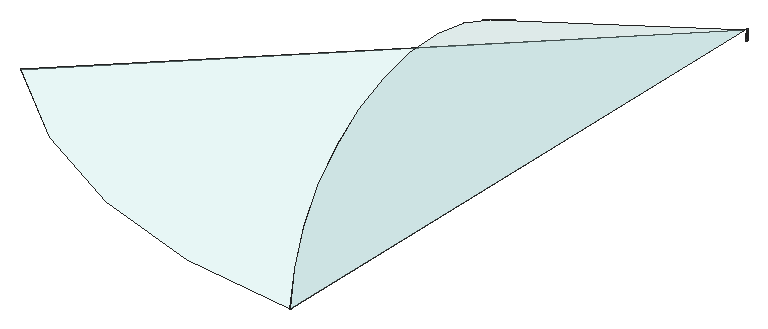
Revit family "Rotor 5000 Series - 5000+SPCSAMR", category Acessórios do tubo, Revit 2020
Family settings
  Cota do conector redondo = Utilizar diâmetro
  Tipo de parte = Normal
  Número OmniClass = 23.60.30.11.14
  Título OmniClass = Pipework Fittings
  Com base no plano de trabalho = Não
  Sempre na vertical = Sim
  Corte com vazios quando carregada = Não
  Compartilhado = Não
Parameters (values of type "Rain Curtain 6.0")
  Water = Water
  URL = "https://www.rainbird.com/"
  TABLE 65 = "TABLE 65psi"
  TABLE 55 75 = "TABLE 55 75psi"
  TABLE 55 = "TABLE 55psi"
  TABLE 45 = "TABLE 45psi"
  TABLE 35 = "TABLE 35psi"
  TABLE 25 = "TABLE 25psi"
  SupportProjetos: Reviw Date = ""  # constant formula
  SupportProjetos: Reviw = "R00"  # constant formula
  SupportProjetos: Level of Detail = "LOD 300"  # constant formula
  SupportProjetos: Developed = "MICHEL SOARES MOTA"  # constant formula
  SupportProjetos: Creation Date = "07/08/2020"  # constant formula
  Side inlet = no
  Rotation Water Visibility [instance] = Pop up on  # yes
  Rotation Angle [instance] = 45.00°
  RainBird: Product Link = "https://www.rainbird.com/"
  RainBird: Description = "5000+SPCSAMR Rotor "  # constant formula
  RainBird: Comment [instance] = ""
  RainBird: Code = "Y65550"  # constant formula
  Radius [instance] = if(and(Pressure = 25.0 psi, Instance < 25 ft), size_lookup(TABLE 25, "Radius", 0 ft, Instance), if(and(Pressure = 35.0 psi, Instance < 25 ft), size_lookup(TABLE 35, "Radius", 0 ft, Instance), if(and(Pressure = 45.0 psi, Instance < 25 ft), size_lookup(TABLE 45, "Radius", 0 ft, Instance), if(and(Pressure = 55.0 psi, Instance < 13 ft), size_lookup(TABLE 55, "Radius", 0 ft, Instance), if(and(Pressure = 65.0 psi, Instance < 13 ft), size_lookup(TABLE 65, "Radius", 0 ft, Instance), if(and(Pressure > 55.0 psi, Instance > 13 ft), size_lookup(TABLE 55 75, "Radius", 0 ft, Instance), 0 ft))))))  # 50 ft
  RT = 0.009893 ft
  RN = 0.032808 ft
  R5 = 0.03937 ft
  R4 = 0.04101 ft
  R3 = 0.065617 ft
  R2 = 0.075407 ft
  R1 = 0.032808 ft
  Pressure [instance] = 55.0 psi
  Pop up height = 0.334646 ft
  Pop up on [instance] = yes
  Modelo = "5000+SPCSAMR"  # constant formula
  Instance = 7 ft
  H1 = Body height / 3  # 0.194663 ft
  Flow [instance] = if(and(Pressure = 25.0 psi, Instance < 25 ft), size_lookup(TABLE 25, "Flow", 0.0 GPM, Instance), if(and(Pressure = 35.0 psi, Instance < 25 ft), size_lookup(TABLE 35, "Flow", 0.0 GPM, Instance), if(and(Pressure = 45.0 psi, Instance < 25 ft), size_lookup(TABLE 45, "Flow", 0.0 GPM, Instance), if(and(Pressure = 55.0 psi, Instance < 13 ft), size_lookup(TABLE 55, "Flow", 0.0 GPM, Instance), if(and(Pressure = 65.0 psi, Instance < 13 ft), size_lookup(TABLE 65, "Flow", 0.0 GPM, Instance), if(and(Pressure > 55.0 psi, Instance > 13 ft), size_lookup(TABLE 55 75, "Flow", 0.0 GPM, Instance), 0.0 GPM))))))  # 6.63 GPM
  Fabricante = "Rain Bird"
  Elevação padrão = 0 ft
  Description = RainBird: Description  # "5000+SPCSAMR Rotor "
  DD13 = 0.002625 ft
  DD12 = 0.003937 ft
  DD11 = 0.009897 ft
  DD10 = 0.016404 ft
  DD8 [instance] = if(Pop up on, Pop up height, 0 ft)  # 0.334646 ft
  DD7 = 0.019685 ft
  DD6 [instance] = 0.016404 ft
  DD5 = 0.065617 ft
  DD4 = 0.032808 ft
  DD3 = 0.091048 ft
  DD2 [instance] = 0.024514 ft
  DD9 [instance] = if(Pop up on, Pop up height + 0.049541 ft, 0 ft)  # 0.384186 ft
  DD1 = 0.006562 ft
  Conection = 0.062664 ft  # constant formula
  Body height = 0.58399 ft
  Blue = Blue Plastic
  Black Plastic = Black Plastic
  Angle = 25.00°
Types (25, lengths in ft): name | Rotation Angle | Radius | Pressure | Instance | Flow
  (no name) | 45.00° | 50 | 55.0 psi | 7 | 6.63 GPM
  Rain Curtain 1.5 | 180.00° | 33 | 25.0 psi | 1 | 1.12 GPM
  Rain Curtain 2.0 | 180.00° | 35 | 25.0 psi | 2 | 1.5 GPM
  Rain Curtain 3.0 | 180.00° | 36 | 25.0 psi | 4 | 2.26 GPM
  Rain Curtain 4.0 | 180.00° | 36 | 25.0 psi | 5 | 2.91 GPM
  Rain Curtain 5.0 | 180.00° | 37 | 25.0 psi | 6 | 3.72 GPM
  Rain Curtain 6.0 | 45.00° | 50 | 55.0 psi | 7 | 6.63 GPM
  Rain Curtain 8.0 | 180.00° | 33 | 25.0 psi | 8 | 5.9 GPM
  Rain Curtain 2.5 | 180.00° | 35 | 25.0 psi | 3 | 1.81 GPM
  1.0 LA | 180.00° | 25 | 25.0 psi | 9 | 0.76 GPM
  1.5 LA | 180.00° | 27 | 25.0 psi | 10 | 1.15 GPM
  2.0 LA | 180.00° | 29 | 25.0 psi | 11 | 1.47 GPM
  3.0 LA | 180.00° | 29 | 25.0 psi | 12 | 2.23 GPM
  PRS Rain Curtain 1.5 | 180.00° | 33 | 25.0 psi | 13 | 1.12 GPM
  PRS Rain Curtain 2.0 | 180.00° | 35 | 25.0 psi | 14 | 1.5 GPM
  PRS Rain Curtain 2.5 | 180.00° | 35 | 25.0 psi | 15 | 1.81 GPM
  PRS Rain Curtain 3.0 | 180.00° | 36 | 25.0 psi | 16 | 2.26 GPM
  PRS Rain Curtain 4.0 | 180.00° | 36 | 25.0 psi | 17 | 2.91 GPM
  PRS Rain Curtain 5.0 | 180.00° | 37 | 25.0 psi | 18 | 3.72 GPM
  PRS Rain Curtain 6.0 | 180.00° | 37 | 25.0 psi | 19 | 4.25 GPM
  PRS Rain Curtain 8.0 | 180.00° | 33 | 25.0 psi | 20 | 5.9 GPM
  PRS 1.0 LA | 180.00° | 25 | 25.0 psi | 21 | 0.76 GPM
  PRS 1.5 LA | 180.00° | 27 | 25.0 psi | 22 | 1.15 GPM
  PRS 2.0 LA | 180.00° | 29 | 25.0 psi | 23 | 1.47 GPM
  PRS 3.0 LA | 180.00° | 29 | 25.0 psi | 24 | 2.23 GPM
Reference planes (ft)
  plane 1 "Centro (Frente/Trás)": y = 0
  plane 2: z = 0
  plane 3 "Centro (Esquerda/Direita)": x = 0
  plane 4: z = 0.003937
  plane 5: z = 0.002625
  plane 6: y = -0.065617
Forms (ft)
  Revolve 1, solid, material "Black Plastic" <- "Black Plastic"
    sketch origin (0, 0, 0) x (1, 0, 0) y (0, 0, 1)
      loop
        line (0.075407, -0.091048) -> (0.075407, -0.035324)
        arc (0.075407, -0.035324) -> (0.072509, -0.028329) -> (0.065514, -0.025431) r 0.009893
        line (0.065514, -0.025431) -> (0.046098, -0.025431) -> (0.046098, 0) -> (0.03937, 0) -> (0.03937, -0.334646) -> (0.019685, -0.334646) -> (0.019685, -0.577428) -> (0.032808, -0.577428) -> (0.032808, -0.58399) -> (0.04101, -0.58399) -> (0.04101, -0.577428) -> (0.055724, -0.577428)
        arc (0.055724, -0.577428) -> (0.062719, -0.57453) -> (0.065617, -0.567535) r 0.009893
        line (0.065617, -0.567535) -> (0.065617, -0.091048) -> (0.075407, -0.091048)
      axis (0, -0.58399) -> (0, 0)
    angle from 0 to 360
  Extrusion 2, solid, material "Black Plastic" <- "Black Plastic"
    sketch origin (0, 0, 0) x (1, 0, 0) y (0, 1, 0)
      loop
        circle (0, 0) r 0.032808
    from -0.334646 to 0.334646
  Extrusion 3, void
    sketch origin (0, 0, 0) x (1, 0, 0) y (0, 1, 0)
      loop
        circle (0, 0) r 0.022844
    from -0.334646 to 0.334646
  Revolve 4, solid, material "Black Plastic" <- "Black Plastic"
    sketch origin (0, 0, 0) x (1, 0, 0) y (0, 0, 1)
      loop
        line (0, 0.334646) -> (0.037004, 0.334646) -> (0.037004, 0.344543)
        arc (0.037004, 0.344543) -> (0.01879, 0.349436) -> (0, 0.35105) r 0.10685
        line (0, 0.35105) -> (0, 0.334646)
      axis (0, 0.334646) -> (0, 0.35105)
    angle from 0 to 360
  Extrusion 5, solid, material "Blue Plastic" <- "Blue"
    sketch origin (0, 0, 0) x (1, 0, 0) y (0, 0, 1)
      loop
        circle (0, 0.310131) r 0.009129
      loop
        circle (0, 0.310131) r 0.004793
    from 0 to 0.034386
  Extrusion 6, void
    sketch origin (0, 0, 0) x (1, 0, 0) y (0, 0, 1)
      loop
        line (-0.02074, 0.328055) -> (-0.02074, 0.282426) -> (0.020672, 0.282426) -> (0.020672, 0.328055) -> (-0.02074, 0.328055)
      loop
        line (-0.018439, 0.325179) -> (-0.018439, 0.285685) -> (0.018179, 0.285685) -> (0.018179, 0.325179) -> (-0.018439, 0.325179)
    from 0.024556 to 0.06931
  Extrusion 7, solid, material "Black Plastic" <- "Black Plastic"
    sketch origin (0, 0, 0) x (1, 0, 0) y (0, 0, 1)
      loop
        line (0.046098, 0) -> (0.046098, -0.036876) -> (0.073493, -0.036876) -> (0.046098, 0)
    from -0.002998 to 0.002998
  Extrusion 8, solid, material "Black Plastic" <- "Black Plastic"
    sketch origin (0, 0, 0) x (-1, 0, 0) y (0, 0, -1)
      loop
        line (0.046098, 0) -> (0.073493, 0.036876) -> (0.046098, 0.036876) -> (0.046098, 0)
    from -0.002998 to 0.002998
  Extrusion 9, solid, material "Black Plastic" <- "Black Plastic"
    sketch origin (0, 0, 0) x (0.866025, 0.5, 0) y (0, 0, 1)
      loop
        line (0.046098, 0) -> (0.046098, -0.036876) -> (0.073493, -0.036876) -> (0.046098, 0)
    from -0.002998 to 0.002998
  Extrusion 10, solid, material "Black Plastic" <- "Black Plastic"
    sketch origin (0, 0, 0) x (-0.866025, -0.5, 0) y (0, 0, -1)
      loop
        line (0.046098, 0) -> (0.073493, 0.036876) -> (0.046098, 0.036876) -> (0.046098, 0)
    from -0.002998 to 0.002998
  Extrusion 11, solid, material "Black Plastic" <- "Black Plastic"
    sketch origin (0, 0, 0) x (0, 1, 0) y (0, 0, 1)
      loop
        line (0.046098, 0) -> (0.046098, -0.036876) -> (0.073493, -0.036876) -> (0.046098, 0)
    from -0.002998 to 0.002998
  Extrusion 12, solid, material "Black Plastic" <- "Black Plastic"
    sketch origin (0, 0, 0) x (0, -1, 0) y (0, 0, -1)
      loop
        line (0.046098, 0) -> (0.073493, 0.036876) -> (0.046098, 0.036876) -> (0.046098, 0)
    from -0.002998 to 0.002998
  Extrusion 13, solid, material "Black Plastic" <- "Black Plastic"
    sketch origin (0, 0, 0) x (0.5, 0.866025, 0) y (0, 0, 1)
      loop
        line (0.046098, 0) -> (0.046098, -0.036876) -> (0.073493, -0.036876) -> (0.046098, 0)
    from -0.002998 to 0.002998
  Extrusion 14, solid, material "Black Plastic" <- "Black Plastic"
    sketch origin (0, 0, 0) x (-0.5, -0.866025, 0) y (0, 0, -1)
      loop
        line (0.046098, 0) -> (0.073493, 0.036876) -> (0.046098, 0.036876) -> (0.046098, 0)
    from -0.002998 to 0.002998
  Extrusion 15, solid, material "Black Plastic" <- "Black Plastic"
    sketch origin (0, 0, 0) x (-0.5, 0.866025, 0) y (0, 0, 1)
      loop
        line (0.046098, 0) -> (0.046098, -0.036876) -> (0.073493, -0.036876) -> (0.046098, 0)
    from -0.002998 to 0.002998
  Extrusion 16, solid, material "Black Plastic" <- "Black Plastic"
    sketch origin (0, 0, 0) x (0.5, -0.866025, 0) y (0, 0, -1)
      loop
        line (0.046098, 0) -> (0.073493, 0.036876) -> (0.046098, 0.036876) -> (0.046098, 0)
    from -0.002998 to 0.002998
  Extrusion 17, solid, material "Black Plastic" <- "Black Plastic"
    sketch origin (0, 0, 0) x (-0.866025, 0.5, 0) y (0, 0, 1)
      loop
        line (0.046098, 0) -> (0.046098, -0.036876) -> (0.073493, -0.036876) -> (0.046098, 0)
    from -0.002998 to 0.002998
  Extrusion 18, solid, material "Black Plastic" <- "Black Plastic"
    sketch origin (0, 0, 0) x (0.866025, -0.5, 0) y (0, 0, -1)
      loop
        line (0.046098, 0) -> (0.073493, 0.036876) -> (0.046098, 0.036876) -> (0.046098, 0)
    from -0.002998 to 0.002998
  Extrusion 19, void
    sketch origin (0, 0, 0) x (1, 0, 0) y (0, 1, 0)
      loop
        line (-0.002998, 0.077702) -> (-0.002998, 0.071655) -> (0.002998, 0.071655) -> (0.002998, 0.077702) -> (-0.002998, 0.077702)
    from -0.091048 to 0.82021
  Extrusion 20, void
    sketch origin (0, 0, 0) x (1, 0, 0) y (0, 1, 0)
      loop
        line (0.002998, -0.077702) -> (0.002998, -0.071655) -> (-0.002998, -0.071655) -> (-0.002998, -0.077702) -> (0.002998, -0.077702)
    from -0.091048 to 0.82021
  Extrusion 21, void
    sketch origin (0, 0, 0) x (0.965926, 0.258819, 0) y (-0.258819, 0.965926, 0)
      loop
        line (-0.002998, 0.077702) -> (-0.002998, 0.071655) -> (0.002998, 0.071655) -> (0.002998, 0.077702) -> (-0.002998, 0.077702)
    from -0.091048 to 0.82021
  Extrusion 22, void
    sketch origin (0, 0, 0) x (0.965926, 0.258819, 0) y (-0.258819, 0.965926, 0)
      loop
        line (0.002998, -0.077702) -> (0.002998, -0.071655) -> (-0.002998, -0.071655) -> (-0.002998, -0.077702) -> (0.002998, -0.077702)
    from -0.091048 to 0.82021
  Extrusion 23, void
    sketch origin (0, 0, 0) x (0.866025, 0.5, 0) y (-0.5, 0.866025, 0)
      loop
        line (-0.002998, 0.077702) -> (-0.002998, 0.071655) -> (0.002998, 0.071655) -> (0.002998, 0.077702) -> (-0.002998, 0.077702)
    from -0.091048 to 0.82021
  Extrusion 24, void
    sketch origin (0, 0, 0) x (0.866025, 0.5, 0) y (-0.5, 0.866025, 0)
      loop
        line (0.002998, -0.077702) -> (0.002998, -0.071655) -> (-0.002998, -0.071655) -> (-0.002998, -0.077702) -> (0.002998, -0.077702)
    from -0.091048 to 0.82021
  Extrusion 25, void
    sketch origin (0, 0, 0) x (0.5, 0.866025, 0) y (-0.866025, 0.5, 0)
      loop
        line (-0.002998, 0.077702) -> (-0.002998, 0.071655) -> (0.002998, 0.071655) -> (0.002998, 0.077702) -> (-0.002998, 0.077702)
    from -0.091048 to 0.82021
  Extrusion 26, void
    sketch origin (0, 0, 0) x (0.5, 0.866025, 0) y (-0.866025, 0.5, 0)
      loop
        line (0.002998, -0.077702) -> (0.002998, -0.071655) -> (-0.002998, -0.071655) -> (-0.002998, -0.077702) -> (0.002998, -0.077702)
    from -0.091048 to 0.82021
  Extrusion 27, void
    sketch origin (0, 0, 0) x (0.707107, 0.707107, 0) y (-0.707107, 0.707107, 0)
      loop
        line (-0.002998, 0.077702) -> (-0.002998, 0.071655) -> (0.002998, 0.071655) -> (0.002998, 0.077702) -> (-0.002998, 0.077702)
    from -0.091048 to 0.82021
  Extrusion 28, void
    sketch origin (0, 0, 0) x (0.707107, 0.707107, 0) y (-0.707107, 0.707107, 0)
      loop
        line (0.002998, -0.077702) -> (0.002998, -0.071655) -> (-0.002998, -0.071655) -> (-0.002998, -0.077702) -> (0.002998, -0.077702)
    from -0.091048 to 0.82021
  Extrusion 29, void
    sketch origin (0, 0, 0) x (0.258819, 0.965926, 0) y (-0.965926, 0.258819, 0)
      loop
        line (-0.002998, 0.077702) -> (-0.002998, 0.071655) -> (0.002998, 0.071655) -> (0.002998, 0.077702) -> (-0.002998, 0.077702)
    from -0.091048 to 0.82021
  Extrusion 30, void
    sketch origin (0, 0, 0) x (0.258819, 0.965926, 0) y (-0.965926, 0.258819, 0)
      loop
        line (0.002998, -0.077702) -> (0.002998, -0.071655) -> (-0.002998, -0.071655) -> (-0.002998, -0.077702) -> (0.002998, -0.077702)
    from -0.091048 to 0.82021
  Extrusion 31, void
    sketch origin (0, 0, 0) x (0, 1, 0) y (-1, 0, 0)
      loop
        line (-0.002998, 0.077702) -> (-0.002998, 0.071655) -> (0.002998, 0.071655) -> (0.002998, 0.077702) -> (-0.002998, 0.077702)
    from -0.091048 to 0.82021
  Extrusion 32, void
    sketch origin (0, 0, 0) x (0, 1, 0) y (-1, 0, 0)
      loop
        line (0.002998, -0.077702) -> (0.002998, -0.071655) -> (-0.002998, -0.071655) -> (-0.002998, -0.077702) -> (0.002998, -0.077702)
    from -0.091048 to 0.82021
  Extrusion 33, void
    sketch origin (0, 0, 0) x (-0.258819, 0.965926, 0) y (-0.965926, -0.258819, 0)
      loop
        line (-0.002998, 0.077702) -> (-0.002998, 0.071655) -> (0.002998, 0.071655) -> (0.002998, 0.077702) -> (-0.002998, 0.077702)
    from -0.091048 to 0.82021
  Extrusion 34, void
    sketch origin (0, 0, 0) x (-0.258819, 0.965926, 0) y (-0.965926, -0.258819, 0)
      loop
        line (0.002998, -0.077702) -> (0.002998, -0.071655) -> (-0.002998, -0.071655) -> (-0.002998, -0.077702) -> (0.002998, -0.077702)
    from -0.091048 to 0.82021
  Extrusion 35, void
    sketch origin (0, 0, 0) x (-0.5, 0.866025, 0) y (-0.866025, -0.5, 0)
      loop
        line (-0.002998, 0.077702) -> (-0.002998, 0.071655) -> (0.002998, 0.071655) -> (0.002998, 0.077702) -> (-0.002998, 0.077702)
    from -0.091048 to 0.82021
  Extrusion 36, void
    sketch origin (0, 0, 0) x (-0.5, 0.866025, 0) y (-0.866025, -0.5, 0)
      loop
        line (0.002998, -0.077702) -> (0.002998, -0.071655) -> (-0.002998, -0.071655) -> (-0.002998, -0.077702) -> (0.002998, -0.077702)
    from -0.091048 to 0.82021
  Extrusion 37, void
    sketch origin (0, 0, 0) x (-0.707107, 0.707107, 0) y (-0.707107, -0.707107, 0)
      loop
        line (-0.002998, 0.077702) -> (-0.002998, 0.071655) -> (0.002998, 0.071655) -> (0.002998, 0.077702) -> (-0.002998, 0.077702)
    from -0.091048 to 0.82021
  Extrusion 38, void
    sketch origin (0, 0, 0) x (-0.707107, 0.707107, 0) y (-0.707107, -0.707107, 0)
      loop
        line (0.002998, -0.077702) -> (0.002998, -0.071655) -> (-0.002998, -0.071655) -> (-0.002998, -0.077702) -> (0.002998, -0.077702)
    from -0.091048 to 0.82021
  Extrusion 39, void
    sketch origin (0, 0, 0) x (-0.866025, 0.5, 0) y (-0.5, -0.866025, 0)
      loop
        line (-0.002998, 0.077702) -> (-0.002998, 0.071655) -> (0.002998, 0.071655) -> (0.002998, 0.077702) -> (-0.002998, 0.077702)
    from -0.091048 to 0.82021
  Extrusion 40, void
    sketch origin (0, 0, 0) x (-0.866025, 0.5, 0) y (-0.5, -0.866025, 0)
      loop
        line (0.002998, -0.077702) -> (0.002998, -0.071655) -> (-0.002998, -0.071655) -> (-0.002998, -0.077702) -> (0.002998, -0.077702)
    from -0.091048 to 0.82021
  Extrusion 41, void
    sketch origin (0, 0, 0) x (-0.965926, 0.258819, 0) y (-0.258819, -0.965926, 0)
      loop
        line (-0.002998, 0.077702) -> (-0.002998, 0.071655) -> (0.002998, 0.071655) -> (0.002998, 0.077702) -> (-0.002998, 0.077702)
    from -0.091048 to 0.82021
  Extrusion 42, void
    sketch origin (0, 0, 0) x (-0.965926, 0.258819, 0) y (-0.258819, -0.965926, 0)
      loop
        line (0.002998, -0.077702) -> (0.002998, -0.071655) -> (-0.002998, -0.071655) -> (-0.002998, -0.077702) -> (0.002998, -0.077702)
    from -0.091048 to 0.82021
  Extrusion 43, solid, material "Water" <- "Water", visible <- "Rotation Water Visibility"
    sketch origin (0, 0, 0) x (0, 1, 0) y (0, 0, 1)
      loop
        line (-0.032808, 0.310131) -> (-28.112196, 13.403765)
        arc (-28.112196, 13.403765) -> (-42.542576, 12.666347) -> (-50.032808, 0.310131) r 15.426605
        line (-50.032808, 0.310131) -> (-0.032808, 0.310131)
    from -0.008202 to 0.008202
Cuts and joins
  Extrusion 3, Extrusion 6 cuts Extrusion 2
  Extrusion 19, Extrusion 20, Extrusion 21, Extrusion 22, Extrusion 23, Extrusion 24, Extrusion 25, Extrusion 26, Extrusion 27, Extrusion 28, Extrusion 29, Extrusion 30, Extrusion 31, Extrusion 32, Extrusion 33, Extrusion 34, Extrusion 35, Extrusion 36, Extrusion 37, Extrusion 38, Extrusion 39, Extrusion 40, Extrusion 41, Extrusion 42 cuts Revolve 1
Dimensions and locks (ft)
  "Body height": level to Revolve 1 sketch curve
  "R2": Revolve 1 sketch curve to plane 3 "Centro (Esquerda/Direita)"
  "DD1": Revolve 1 sketch curve to Revolve 1 sketch curve
  "DD3": level to Revolve 1 sketch curve
  Revolve 1 sketch curve to plane 3 "Centro (Esquerda/Direita)" = 0.065617 ft
  "R4": Revolve 1 sketch curve to plane 3 "Centro (Esquerda/Direita)"
  "RN": Revolve 1 sketch curve to plane 3 "Centro (Esquerda/Direita)"
  "Pop up height": level to Revolve 1 sketch curve
  "R5": plane 3 "Centro (Esquerda/Direita)" to Revolve 1 sketch curve
  "DD7": Revolve 1 sketch curve to plane 3 "Centro (Esquerda/Direita)"
  "DD8": Extrusion 2 to level
  "DD12": plane 4 to level
  "DD13": plane 5 to level
  "R3": plane 6 to plane 1 "Centro (Frente/Trás)"
  "DD5": Revolve 1 sketch curve to Revolve 1 sketch curve
  "DD10": Revolve 4 sketch curve to Revolve 4 sketch curve
  "DD11": Revolve 4 sketch curve to Revolve 4 sketch curve
  "DD2": Revolve 4 to Extrusion 5 sketch curve  (x2)
  Extrusion 7 to plane 3 "Centro (Esquerda/Direita)" = 0.046098 ft
  equal spacing: Extrusion 7, plane 1 "Centro (Frente/Trás)", Extrusion 7
  Extrusion 8 to Extrusion 8 = 0.005995 ft
  Extrusion 9 to Extrusion 9 = 0.005995 ft
  Extrusion 20 sketch curve to Extrusion 20 sketch curve = 0.005995 ft
  Extrusion 22 sketch curve to Extrusion 22 sketch curve = 0.005995 ft
  Extrusion 24 sketch curve to Extrusion 24 sketch curve = 0.005995 ft
  Extrusion 26 sketch curve to Extrusion 26 sketch curve = 0.005995 ft
  Extrusion 28 sketch curve to Extrusion 28 sketch curve = 0.005995 ft
  Extrusion 30 sketch curve to Extrusion 30 sketch curve = 0.005995 ft
  Extrusion 32 sketch curve to Extrusion 32 sketch curve = 0.005995 ft
  Extrusion 34 sketch curve to Extrusion 34 sketch curve = 0.005995 ft
  Extrusion 36 sketch curve to Extrusion 36 sketch curve = 0.005995 ft
  Extrusion 38 sketch curve to Extrusion 38 sketch curve = 0.005995 ft
  Extrusion 40 sketch curve to Extrusion 40 sketch curve = 0.005995 ft
  Extrusion 42 sketch curve to Extrusion 42 sketch curve = 0.005995 ft
  "DD4": plane 1 "Centro (Frente/Trás)" to Extrusion 43 sketch curve
  "DD2": Revolve 4 to Extrusion 43 sketch curve
  "Radius": Extrusion 43 sketch curve to Extrusion 43 sketch curve
  equal spacing: Extrusion 43, plane 3 "Centro (Esquerda/Direita)", Extrusion 43
  "DD6": Extrusion 43 to Extrusion 43
  "DD2": Revolve 4 to nested 1
  "RT": radius of Revolve 1 sketch curve  (x2)
  "R1": radius of Extrusion 2 sketch curve
  "Angle": angle Extrusion 43 sketch curve to Extrusion 43 sketch curve
  aligned and locked: level to plane 2
  aligned and locked: Revolve 1 sketch curve to Revolve 1 sketch curve
  aligned and locked: Extrusion 2 to Revolve 1
  aligned and locked: cut or joined group of Extrusion 2, Extrusion 3, Extrusion 6 to cut or joined group of Extrusion 2, Extrusion 3, Extrusion 6  (x2)
  aligned and locked: Revolve 4 sketch curve to cut or joined group of Extrusion 2, Extrusion 3, Extrusion 6
  aligned and locked: Extrusion 20 to Revolve 1
  aligned and locked: Extrusion 22 to Revolve 1
  aligned and locked: Extrusion 24 to Revolve 1
  aligned and locked: Extrusion 28 to Revolve 1
  aligned and locked: Extrusion 26 to Revolve 1
  aligned and locked: Extrusion 30 to Revolve 1
  aligned and locked: Extrusion 32 to Revolve 1
  aligned and locked: Extrusion 34 to Revolve 1
  aligned and locked: Revolve 1 to Extrusion 36
  aligned and locked: Revolve 1 to Extrusion 38
  aligned and locked: Extrusion 41 to Revolve 1
  aligned and locked: Extrusion 39 to Revolve 1
  aligned and locked: Extrusion 37 to Revolve 1
  aligned and locked: Extrusion 35 to Revolve 1
  aligned and locked: Extrusion 33 to Revolve 1
  aligned and locked: Extrusion 31 to Revolve 1
  aligned and locked: Extrusion 29 to Revolve 1
  aligned and locked: Revolve 1 to Extrusion 25
  aligned and locked: Revolve 1 to Extrusion 27
  aligned and locked: Revolve 1 to Extrusion 19
  aligned and locked: Revolve 1 to Extrusion 21
  aligned and locked: Revolve 1 to Extrusion 42
  aligned and locked: Revolve 1 to Extrusion 40
  aligned and locked: Revolve 1 to Extrusion 23
Automatic sketch dimensions
  plane 1 "Centro (Frente/Trás)" to Extrusion 2 sketch curve = 0 ft
  Extrusion 2 sketch curve to plane 3 "Centro (Esquerda/Direita)" = 0 ft
  plane 1 "Centro (Frente/Trás)" to Extrusion 3 sketch curve = 0 ft
  Extrusion 3 sketch curve to plane 3 "Centro (Esquerda/Direita)" = 0 ft
  Revolve 4 sketch curve to plane 3 "Centro (Esquerda/Direita)" = 0 ft  (x2)
  plane 3 "Centro (Esquerda/Direita)" to Revolve 4 sketch curve = 0.000284 ft
  plane 3 "Centro (Esquerda/Direita)" to Revolve 4 sketch curve = 0.037004 ft
  Revolve 4 sketch curve to Revolve 4 sketch curve = 0.015719 ft
  Revolve 4 sketch curve to Revolve 4 sketch curve = 0.114829 ft
  Extrusion 5 sketch curve to Extrusion 5 sketch curve = 0 ft
  Extrusion 5 sketch curve to plane 3 "Centro (Esquerda/Direita)" = 0 ft
  Extrusion 6 sketch curve to plane 3 "Centro (Esquerda/Direita)" = 0.02074 ft
  Extrusion 6 sketch curve to Extrusion 6 sketch curve = 0.002301 ft
  plane 3 "Centro (Esquerda/Direita)" to Extrusion 6 sketch curve = 0.018179 ft
  Extrusion 6 sketch curve to Extrusion 6 sketch curve = 0.002492 ft
  plane 4 to Extrusion 6 sketch curve = 0.278489 ft
  Extrusion 6 sketch curve to Extrusion 6 sketch curve = 0.003259 ft
  Extrusion 6 sketch curve to Extrusion 6 sketch curve = 0.039494 ft
  Extrusion 6 sketch curve to Extrusion 6 sketch curve = 0.002876 ft
  Extrusion 7 sketch curve to level = 0 ft
  plane 3 "Centro (Esquerda/Direita)" to Extrusion 7 sketch curve = 0.046098 ft
  Extrusion 7 sketch curve to Extrusion 7 sketch curve = 0.027396 ft
  Extrusion 7 sketch curve to Extrusion 7 sketch curve = 0.036876 ft
  Extrusion 8 sketch curve to level = 0 ft
  plane 3 "Centro (Esquerda/Direita)" to Extrusion 8 sketch curve = 0.046098 ft
  Extrusion 8 sketch curve to Extrusion 8 sketch curve = 0.027396 ft
  Extrusion 8 sketch curve to Extrusion 8 sketch curve = 0.036876 ft
  Extrusion 9 sketch curve to level = 0 ft
  Extrusion 9 sketch curve to level = 0.036876 ft
  Extrusion 9 sketch curve to Extrusion 9 sketch curve = 0.027396 ft
  Extrusion 10 sketch curve to level = 0 ft
  Extrusion 10 sketch curve to level = 0.036876 ft
  Extrusion 10 sketch curve to Extrusion 10 sketch curve = 0.027396 ft
  Extrusion 11 sketch curve to level = 0 ft
  Extrusion 11 sketch curve to plane 1 "Centro (Frente/Trás)" = 0.046098 ft
  Extrusion 11 sketch curve to Extrusion 11 sketch curve = 0.027396 ft
  Extrusion 11 sketch curve to Extrusion 11 sketch curve = 0.036876 ft
  Extrusion 12 sketch curve to level = 0 ft
  plane 6 to Extrusion 12 sketch curve = 0.019519 ft
  Extrusion 12 sketch curve to plane 6 = 0.007877 ft
  Extrusion 12 sketch curve to level = 0.036876 ft
  Extrusion 13 sketch curve to level = 0 ft
  Extrusion 13 sketch curve to level = 0.036876 ft
  Extrusion 13 sketch curve to Extrusion 13 sketch curve = 0.027396 ft
  Extrusion 14 sketch curve to level = 0 ft
  Extrusion 14 sketch curve to level = 0.036876 ft
  Extrusion 14 sketch curve to Extrusion 14 sketch curve = 0.027396 ft
  level to Extrusion 15 sketch curve = 0 ft
  Extrusion 15 sketch curve to level = 0.036876 ft
  Extrusion 15 sketch curve to Extrusion 15 sketch curve = 0.027396 ft
  level to Extrusion 16 sketch curve = 0 ft
  Extrusion 16 sketch curve to level = 0.036876 ft
  Extrusion 16 sketch curve to Extrusion 16 sketch curve = 0.027396 ft
  level to Extrusion 17 sketch curve = 0 ft
  Extrusion 17 sketch curve to level = 0.036876 ft
  Extrusion 17 sketch curve to Extrusion 17 sketch curve = 0.027396 ft
  level to Extrusion 18 sketch curve = 0 ft
  Extrusion 18 sketch curve to level = 0.036876 ft
  Extrusion 18 sketch curve to Extrusion 18 sketch curve = 0.027396 ft
  Extrusion 19 sketch curve to plane 3 "Centro (Esquerda/Direita)" = 0.002998 ft
  Extrusion 19 sketch curve to plane 1 "Centro (Frente/Trás)" = 0.071655 ft
  Extrusion 19 sketch curve to Extrusion 19 sketch curve = 0.006047 ft
  plane 3 "Centro (Esquerda/Direita)" to Extrusion 20 sketch curve = 0.002998 ft
  plane 6 to Extrusion 20 sketch curve = 0.006038 ft
  Extrusion 20 sketch curve to Extrusion 20 sketch curve = 0.006047 ft
  plane 3 "Centro (Esquerda/Direita)" to Extrusion 19 sketch curve = 0.002998 ft
  Extrusion 21 sketch curve to plane 3 "Centro (Esquerda/Direita)" = 0.021441 ft
  Extrusion 21 sketch curve to plane 1 "Centro (Frente/Trás)" = 0.068438 ft
  Extrusion 21 sketch curve to Extrusion 21 sketch curve = 0.005995 ft
  Extrusion 21 sketch curve to Extrusion 21 sketch curve = 0.006047 ft
  Extrusion 22 sketch curve to plane 6 = 0.010213 ft
  plane 3 "Centro (Esquerda/Direita)" to Extrusion 22 sketch curve = 0.017215 ft
  Extrusion 22 sketch curve to Extrusion 22 sketch curve = 0.006047 ft
  Extrusion 23 sketch curve to plane 3 "Centro (Esquerda/Direita)" = 0.038424 ft
  Extrusion 23 sketch curve to plane 1 "Centro (Frente/Trás)" = 0.060556 ft
  Extrusion 23 sketch curve to Extrusion 23 sketch curve = 0.005995 ft
  Extrusion 23 sketch curve to Extrusion 23 sketch curve = 0.006047 ft
  Extrusion 24 sketch curve to plane 6 = 0.003174 ft
  plane 3 "Centro (Esquerda/Direita)" to Extrusion 24 sketch curve = 0.036255 ft
  Extrusion 24 sketch curve to Extrusion 24 sketch curve = 0.006047 ft
  Extrusion 25 sketch curve to plane 1 "Centro (Frente/Trás)" = 0.033231 ft
  Extrusion 25 sketch curve to plane 3 "Centro (Esquerda/Direita)" = 0.063554 ft
  Extrusion 25 sketch curve to Extrusion 25 sketch curve = 0.005995 ft
  Extrusion 25 sketch curve to Extrusion 25 sketch curve = 0.006047 ft
  Extrusion 26 sketch curve to plane 6 = 0.02417 ft
  Extrusion 26 sketch curve to plane 3 "Centro (Esquerda/Direita)" = 0.065793 ft
  Extrusion 26 sketch curve to Extrusion 26 sketch curve = 0.006047 ft
  Extrusion 27 sketch curve to plane 1 "Centro (Frente/Trás)" = 0.048548 ft
  Extrusion 27 sketch curve to plane 3 "Centro (Esquerda/Direita)" = 0.052787 ft
  Extrusion 27 sketch curve to Extrusion 27 sketch curve = 0.005995 ft
  Extrusion 27 sketch curve to Extrusion 27 sketch curve = 0.006047 ft
  plane 6 to Extrusion 28 sketch curve = 0.008554 ft
  plane 3 "Centro (Esquerda/Direita)" to Extrusion 28 sketch curve = 0.052824 ft
  Extrusion 28 sketch curve to Extrusion 28 sketch curve = 0.006047 ft
  Extrusion 29 sketch curve to plane 1 "Centro (Frente/Trás)" = 0.01565 ft
  Extrusion 29 sketch curve to plane 3 "Centro (Esquerda/Direita)" = 0.069989 ft
  Extrusion 29 sketch curve to Extrusion 29 sketch curve = 0.005995 ft
  Extrusion 29 sketch curve to Extrusion 29 sketch curve = 0.006047 ft
  plane 1 "Centro (Frente/Trás)" to Extrusion 30 sketch curve = 0.023006 ft
  plane 3 "Centro (Esquerda/Direita)" to Extrusion 30 sketch curve = 0.074278 ft
  Extrusion 30 sketch curve to Extrusion 30 sketch curve = 0.006047 ft
  plane 1 "Centro (Frente/Trás)" to Extrusion 31 sketch curve = 0.002998 ft
  Extrusion 31 sketch curve to plane 1 "Centro (Frente/Trás)" = 0.002998 ft
  Extrusion 31 sketch curve to plane 3 "Centro (Esquerda/Direita)" = 0.071655 ft
  Extrusion 31 sketch curve to Extrusion 31 sketch curve = 0.006047 ft
  plane 1 "Centro (Frente/Trás)" to Extrusion 32 sketch curve = 0.002998 ft
  plane 3 "Centro (Esquerda/Direita)" to Extrusion 32 sketch curve = 0.077702 ft
  Extrusion 32 sketch curve to Extrusion 32 sketch curve = 0.006047 ft
  plane 1 "Centro (Frente/Trás)" to Extrusion 33 sketch curve = 0.021441 ft
  Extrusion 33 sketch curve to plane 3 "Centro (Esquerda/Direita)" = 0.068438 ft
  Extrusion 33 sketch curve to Extrusion 33 sketch curve = 0.005995 ft
  Extrusion 33 sketch curve to Extrusion 33 sketch curve = 0.006047 ft
  Extrusion 34 sketch curve to plane 1 "Centro (Frente/Trás)" = 0.017215 ft
  plane 3 "Centro (Esquerda/Direita)" to Extrusion 34 sketch curve = 0.07583 ft
  Extrusion 34 sketch curve to Extrusion 34 sketch curve = 0.006047 ft
  plane 6 to Extrusion 35 sketch curve = 0.027193 ft
  Extrusion 35 sketch curve to plane 3 "Centro (Esquerda/Direita)" = 0.060556 ft
  Extrusion 35 sketch curve to Extrusion 35 sketch curve = 0.005995 ft
  Extrusion 35 sketch curve to Extrusion 35 sketch curve = 0.006047 ft
  Extrusion 36 sketch curve to plane 1 "Centro (Frente/Trás)" = 0.036255 ft
  plane 3 "Centro (Esquerda/Direita)" to Extrusion 36 sketch curve = 0.068791 ft
  Extrusion 36 sketch curve to Extrusion 36 sketch curve = 0.006047 ft
  plane 6 to Extrusion 37 sketch curve = 0.012829 ft
  Extrusion 37 sketch curve to plane 3 "Centro (Esquerda/Direita)" = 0.048548 ft
  Extrusion 37 sketch curve to Extrusion 37 sketch curve = 0.005995 ft
  Extrusion 37 sketch curve to Extrusion 37 sketch curve = 0.006047 ft
  Extrusion 38 sketch curve to plane 1 "Centro (Frente/Trás)" = 0.052824 ft
  plane 3 "Centro (Esquerda/Direita)" to Extrusion 38 sketch curve = 0.057063 ft
  Extrusion 38 sketch curve to Extrusion 38 sketch curve = 0.006047 ft
  plane 6 to Extrusion 39 sketch curve = 0.002063 ft
  Extrusion 39 sketch curve to plane 3 "Centro (Esquerda/Direita)" = 0.033231 ft
  Extrusion 39 sketch curve to Extrusion 39 sketch curve = 0.005995 ft
  Extrusion 39 sketch curve to Extrusion 39 sketch curve = 0.006047 ft
  plane 3 "Centro (Esquerda/Direita)" to Extrusion 40 sketch curve = 0.041447 ft
  Extrusion 40 sketch curve to plane 1 "Centro (Frente/Trás)" = 0.065793 ft
  Extrusion 40 sketch curve to Extrusion 40 sketch curve = 0.006047 ft
  Extrusion 41 sketch curve to plane 6 = 0.004372 ft
  Extrusion 41 sketch curve to plane 3 "Centro (Esquerda/Direita)" = 0.01565 ft
  Extrusion 41 sketch curve to Extrusion 41 sketch curve = 0.005995 ft
  Extrusion 41 sketch curve to Extrusion 41 sketch curve = 0.006047 ft
  plane 3 "Centro (Esquerda/Direita)" to Extrusion 42 sketch curve = 0.023006 ft
  Extrusion 42 sketch curve to plane 1 "Centro (Frente/Trás)" = 0.074278 ft
  Extrusion 42 sketch curve to Extrusion 42 sketch curve = 0.006047 ft
  Revolve 1 sketch curve to plane 3 "Centro (Esquerda/Direita)" = 0 ft
  Revolve 1 sketch curve to level = 0 ft
  Revolve 1 sketch curve to Revolve 1 sketch curve = 0.019416 ft
  plane 4 to Revolve 1 sketch curve = 0.079347 ft
  Revolve 1 sketch curve to Revolve 1 sketch curve = 0.918635 ft
  Extrusion 43 sketch curve to level = 0.577487 ft
  radius of Extrusion 3 sketch curve = 0.022844 ft
  radius of Extrusion 5 sketch curve = 0.009129 ft
  radius of Extrusion 5 sketch curve = 0.004793 ft
Nested families (ft)
  nested 1: "Water" at (0.000149, 0, 0.190873) x (0, -1, 0) z (0, 0, 1), DT9 <- "DD4", Radius <- "Radius", visible <- "Rotation Water Visibility", Rotation Angle <- "Rotation Angle", type "Water"
    with Rotation Angle 45.00°, Radius 50 ft, DT9 0.032808 ft, DT8 0 ft, DT7 200 ft, DT4 250 ft, Angle 2 315.00°
Connectors (ft)
  piping at (0, 0, -0.58399), diameter 2
    settings: on cut or joined group of Revolve 1, Extrusion 19, Extrusion 20, Extrusion 21, Extrusion 22, Extrusion 23, Extrusion 24, Extrusion 25, Extrusion 26, Extrusion 27, Extrusion 28, Extrusion 29, Extrusion 30, Extrusion 31, Extrusion 32, Extrusion 33, Extrusion 34, Extrusion 35, Extrusion 36, Extrusion 37, Extrusion 38, Extrusion 39, Extrusion 40, Extrusion 41, Extrusion 42, index 1, connector inside diameter 609.6 mm, connector length 0 ft, flow factor 0, pipe flow 0.0 GPM, pressure drop 0.0 psi, fitting loss kfactor 0, connector angle 0.00°, fixture units 0, engagement length 0 ft, angle of deflection 0.00°, flow configuration 0, flow direction 0, fitting loss method 0, system type 28, joint type 0, gender type 0, connector reference index -1, connector utility 0, adjustable connector no, is connector primary yes, connector description ""
Definition of nested family "Water"
  Parameters (values of type "Water")
    Water Visibility (Circle) = yes
    Water = none
    URL = ""
    SupportProjetos: Reviw Date = ""  # constant formula
    SupportProjetos: Level of Detail = "LOD 300"  # constant formula
    SupportProjetos: Developed = "MICHEL SOARES MOTA"  # constant formula
    SupportProjetos: Creation Date = "16/07/2020"  # constant formula
    Rotation Angle [instance] = 90.00°
    Reviw = "R00"  # constant formula
    Radius [instance] = 14 ft
    Model = ""
    Default Elevation = 4 ft
    Description = ""
    DT9 [instance] = 0.032808 ft
    DT8 [instance] = if(Rotation Angle = 360.00°, 10 ft, 0 ft)  # 0 ft
    DT7 [instance] = 4 * Radius  # 56 ft
    DT4 [instance] = 5 * Radius  # 70 ft
    DT2 = 0.098425 ft  # constant formula
    DT6 = 0 ft
    Angle 2 [instance] = if(Rotation Angle = 360.00°, 180.00°, 360.00° - Rotation Angle)  # 270.00°
  Reference planes (ft)
    plane 1 "Centro (Frente/Trás)": y = 0
    plane 2: z = 0
    plane 3 "Centro (Esquerda/Direita)": x = 0
  Forms (ft)
    Revolve 1, solid, material <- "Water", visible <- "Water Visibility (Circle)"
      sketch origin (0, 0, 0) x (1, 0, 0) y (0, 0, 1)
        loop
          line (0.032808, 0.098425) -> (14.032808, 0.098425) -> (14.032808, 0.119259) -> (0.032808, 0.119259) -> (0.032808, 0.098425)
        axis (0, 0.098425) -> (0, 0.119259)
      angle from 0 to 360
    Extrusion 2, void
      sketch origin (0, 0, 0) x (1, 0, 0) y (0, 1, 0)
        loop
          line (0, 0) -> (70, 0) -> (70, 56)
          arc (70, 56) -> (-70.459018, 51.588344) -> (0, -70) r 81.847109
          line (0, -70) -> (0, 0)
      from 0 to 15.189231
  Cuts and joins
    Extrusion 2 cuts Revolve 1
  Dimensions and locks (ft)
    "DT2": Revolve 1 sketch curve to level
    "DT4": Extrusion 2 sketch curve to Extrusion 2 sketch curve  (x2)
    "DT6": Extrusion 2 sketch curve to plane 3 "Centro (Esquerda/Direita)"
    "DT7": Extrusion 2 sketch curve to Extrusion 2 sketch curve
    "DT8": cut or joined group of Revolve 1, Extrusion 2 to level
    "Radius": Revolve 1 sketch curve to Revolve 1 sketch curve
    "DT9": Revolve 1 sketch curve to plane 3 "Centro (Esquerda/Direita)"
    "Angle 2": angle Extrusion 2 sketch curve to Extrusion 2 sketch curve
    aligned and locked: level to plane 2
    aligned and locked: plane 1 "Centro (Frente/Trás)" to Extrusion 2 sketch curve
  Automatic sketch dimensions
    plane 3 "Centro (Esquerda/Direita)" to Extrusion 2 sketch curve = 1.088227 ft
    Revolve 1 sketch curve to plane 3 "Centro (Esquerda/Direita)" = 0 ft
    Revolve 1 sketch curve to Revolve 1 sketch curve = 0.020833 ft
    Revolve 1 sketch curve to Revolve 1 sketch curve = 0.032113 ft
    Revolve 1 sketch curve to Revolve 1 sketch curve = 10.2693 ft
